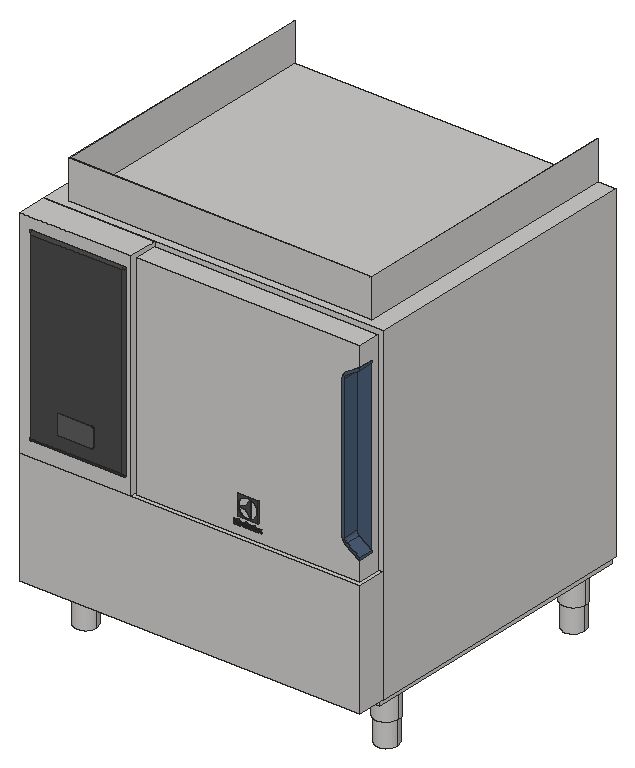
Revit family "QF_ELECTROLUXPROFESSIONAL_727906_EBFA61WHE", category Specialty Equipment, Revit 2018
Family settings
  Round Connector Dimension = Use Diameter
  Part Type = Normal
  Work Plane-Based = No
  Always vertical = Yes
  Cut with Voids When Loaded = No
  Shared = No
  Room Calculation Point = No
Parameters
  Weight = 0.00 kg
  Watts = 0 W
  Volts = 380 V
  URL Manufacturer = "http://professional.electrolux.com"
  URL = "http://professional.electrolux.com"
  Steam Supply Size = 0 mm
  Steam Supply Minimum Pressure = 0.0 Pa
  Steam Supply Maximum Pressure = 0.0 Pa
  Steam Pounds per Hour = 0
  Show Logo [instance] = yes
  Show Clearance [instance] = yes
  Refrigeration Suction Line Size = 0 mm
  Refrigeration Liquid Line Size = 0 mm
  Refrigerant Compressor Remote = yes
  Manufacturer = "Electrolux"
  Phase = 3
  Model = "EBFA61WHE"
  Length Actual = 897 mm  # constant formula
  Item Number = "727906"
  Hot Water Size = 0 mm
  Height Actual = 1020 mm  # constant formula
  HP = "3.6 HP"
  Gas Size = 0 mm
  Gas KW = 0
  Gas Input Pressure = 0 W
  Direct Waste Size = 139.7 mm
  Description = "SKYLINE CHILLS BLAST CHILLER FREEZER 30/30KG 6 GN 1/1 - FOR TOWER EXECUTION - LEFT HINDGED DOOR"
  Depth Actual = 937 mm  # constant formula
  Cycle = 50 Hz
  Condensate Return Size = 0 mm
  Compressed Air Volume = 0.0 L/s
  Compressed Air Size = 0 mm
  Compressed Air Pressure = 0.0 Pa
  Cold Water Size = 0 mm
  Accessory = yes
Reference planes
  plane 1 "Center X": y = 126.851
  plane 2: z = 0
  plane 3 "Center Y": x = -311.5
  plane 4 "LEFT": x = -760
  plane 5 "BACK": y = 548.851
  plane 6 "RIGHT": x = 137
  plane 7 "FRONT": y = -295.149
  plane 8: z = 130
  plane 9: x = -708
  plane 10: y = 473.851
  plane 11: x = 85
  plane 12: y = -142.149
  plane 13 "TOP": z = 1020.038
  plane 14: y = 641.851
  plane 15: y = -847.149
Forms (mm)
  Extrusion 1, solid, material "QF_Finishes_Stainless Steel"
    sketch origin (0, 0, 1060.038) x (-1, 0, 0) y (0, -1, 0)
      loop
        line (759, -548.851) -> (759, 216.149) -> (-136, 216.149) -> (-136, -548.851) -> (759, -548.851)
    from -40 to -910.018
  Extrusion 2, void
    sketch origin (-759, -216.149, 1060.038) x (-1, 0, 0) y (0, 0, 1)
      loop
        line (-370.8, -100) -> (-826.8, -100) -> (-826.8, -491.98) -> (-370.8, -491.98) -> (-370.8, -100)
    from 0 to 703
  Extrusion 3, solid, material "QF_Finishes_Stainless Steel"
    sketch origin (-760, -0.954, 0) x (0, 1, 0) y (0, 0, 1)
      loop
        line (549.805, 694.306) -> (549.805, 392.314) -> (635.5, 399.789)
        arc (635.5, 399.789) -> (640.702, 402.354) -> (642.805, 407.759) r 8
        line (642.805, 407.759) -> (642.805, 433.233)
        arc (642.805, 433.233) -> (638.783, 442.547) -> (642.805, 451.86) r 12.795
        line (642.805, 451.86) -> (642.805, 483.24)
        arc (642.805, 483.24) -> (638.783, 492.554) -> (642.805, 501.867) r 12.795
        line (642.805, 501.867) -> (642.805, 533.247)
        arc (642.805, 533.247) -> (638.783, 542.56) -> (642.805, 551.874) r 12.795
        line (642.805, 551.874) -> (642.805, 583.254)
        arc (642.805, 583.254) -> (638.783, 592.567) -> (642.805, 601.881) r 12.795
        line (642.805, 601.881) -> (642.805, 634.796)
        arc (642.805, 634.796) -> (641.466, 639.795) -> (637.808, 643.455) r 10
        line (637.808, 643.455) -> (549.805, 694.306)
    from 123.244 to 306.92
  Extrusion 4, solid, material "QF_Finishes_Stainless Steel"
    sketch origin (-817.599, 548.851, 1060.038) x (1, 0, 0) y (0, 0, -1)
      loop
        circle (121.599, 802.038) r 10.5
    from 0 to 29
  Extrusion 5, solid, material "QF_Finishes_Stainless Steel"
    sketch origin (0, 0, 1060.038) x (-1, 0, 0) y (0, -1, 0)
      loop
        line (759, 295.149) -> (467.2, 295.149) -> (467.2, 217.149) -> (759, 217.149) -> (759, 295.149)
    from -40 to -607
  Extrusion 6, solid, material "QF_Finishes_Stainless Steel"
    sketch origin (-1206.916, -1524, 130) x (-1, 0, 0) y (0, -1, 0)
      loop
        line (-447.916, -1228.851) -> (-1342.916, -1228.851) -> (-1342.916, -1306.851) -> (-447.916, -1306.851) -> (-447.916, -1228.851)
    from 322 to 20.02
  Extrusion 7, solid, material "QF_Finishes_Stainless Steel"
    sketch origin (0, 0, 1060.038) x (-1, 0, 0) y (0, -1, 0)
      loop
        line (748.993, -548.851) -> (748.993, 214.216) -> (-125.993, 214.216) -> (-125.993, -548.851) -> (748.993, -548.851)
    from -910.018 to -930.038
  Extrusion 8, solid, material "QF_Finishes_Stainless Steel"
    sketch origin (0, 0, 130) x (0, -1, 0) y (-1, 0, 0)
      loop
        circle (-215.851, 360) r 9.5
    from 0 to 31.68
  Extrusion 9, void
    sketch origin (0, 0, 1060.038) x (-1, 0, 0) y (0, -1, 0)
      loop
        line (627.033, -641.851) -> (636.756, -641.851) -> (636.756, -548.851) -> (635.125, -548.851) -> (627.033, -641.851)
      loop
        line (454.711, -548.851) -> (453.08, -548.851) -> (453.08, -641.851) -> (462.803, -641.851) -> (454.711, -548.851)
    from -673 to -363
  Extrusion 10, solid, material "QF_Finishes_Stainless Steel"
    sketch origin (-19, -1, 0) x (1, 0, 0) y (0, 1, 0)
      loop
        line (-690, -190.149) -> (-690, 549.851) -> (-692, 549.851) -> (-692, -192.149) -> (107, -192.149) -> (107, 549.851) -> (105, 549.851) -> (105, -190.149) -> (-690, -190.149)
    from 1020.038 to 1120.038
  Extrusion 11, solid, material "QF_Finishes_Stainless Steel"
    sketch origin (-315.205, -295.149, 0) x (1, 0, 0) y (0, 0, -1)
      loop
        line (451.2, -1020.033) -> (451.2, -968.898) -> (414.947, -944.816)
        arc (414.947, -944.816) -> (408.716, -937.969) -> (406.46, -928.989) r 19
        line (406.46, -928.989) -> (406.46, -554.076)
        arc (406.46, -554.076) -> (408.839, -544.616) -> (415.41, -537.406) r 20
        line (415.41, -537.406) -> (451.2, -513.683) -> (451.2, -462.497) -> (-135.995, -462.497) -> (-135.995, -1020.033) -> (451.2, -1020.033)
    from 0 to 60
  Extrusion 12, solid, material "QF_Finishes_Stainless Steel"
    sketch origin (-315.205, -235.149, 0) x (1, 0, 0) y (0, 0, -1)
      loop
        line (406.46, -554.076) -> (406.46, -928.989)
        arc (406.46, -928.989) -> (408.716, -937.969) -> (414.947, -944.816) r 19
        line (414.947, -944.816) -> (451.2, -968.898) -> (451.2, -513.683) -> (415.41, -537.406)
        arc (415.41, -537.406) -> (408.839, -544.616) -> (406.46, -554.076) r 20
    from -21 to 0
  Extrusion 13, solid, material "QF_Finishes_Electrolux_Blue"
    sketch origin (-315.205, -295.149, 0) x (-1, 0, 0) y (0, 0, -1)
      loop
        line (-451.2, -968.898) -> (-414.947, -944.816)
        arc (-414.947, -944.816) -> (-408.716, -937.969) -> (-406.46, -928.989) r 19
        line (-406.46, -928.989) -> (-406.46, -554.076)
        arc (-406.46, -554.076) -> (-408.839, -544.616) -> (-415.41, -537.406) r 20
        line (-415.41, -537.406) -> (-451.2, -513.683) -> (-453.7, -513.683) -> (-453.7, -519.824) -> (-419.001, -542.824)
        arc (-419.001, -542.824) -> (-414.566, -547.691) -> (-412.96, -554.076) r 13.5
        line (-412.96, -554.076) -> (-412.96, -928.989)
        arc (-412.96, -928.989) -> (-414.444, -934.897) -> (-418.543, -939.401) r 12.5
        line (-418.543, -939.401) -> (-453.7, -962.755) -> (-453.7, -968.898) -> (-451.2, -968.898)
    from -39 to 1
  Extrusion 14, solid, material "QF_Door-Drawer Clearances", visible <- "Show Clearance", detail levels coarse
    sketch origin (-458.205, -393.449, 0) x (0, -1, 0) y (0, 0, -1)
      loop
        line (451.2, -1020.033) -> (451.2, -968.898) -> (414.947, -944.816)
        arc (414.947, -944.816) -> (408.716, -937.969) -> (406.46, -928.989) r 19
        line (406.46, -928.989) -> (406.46, -554.076)
        arc (406.46, -554.076) -> (408.839, -544.616) -> (415.41, -537.406) r 20
        line (415.41, -537.406) -> (451.2, -513.683) -> (451.2, -462.497) -> (-98.3, -462.497) -> (-98.3, -1020.033) -> (451.2, -1020.033)
    from 0 to 60
  Extrusion 15, solid, material "QF_Door-Drawer Clearances", visible <- "Show Clearance", detail levels coarse
    sketch origin (-398.205, -393.449, 0) x (0, -1, 0) y (0, 0, -1)
      loop
        line (406.46, -554.076) -> (406.46, -928.989)
        arc (406.46, -928.989) -> (408.716, -937.969) -> (414.947, -944.816) r 19
        line (414.947, -944.816) -> (451.2, -968.898) -> (451.2, -513.683) -> (415.41, -537.406)
        arc (415.41, -537.406) -> (408.839, -544.616) -> (406.46, -554.076) r 20
    from -21 to 0
  Extrusion 16, solid, material "QF_Door-Drawer Clearances", visible <- "Show Clearance", detail levels coarse
    sketch origin (-458.205, -393.449, 0) x (0, 1, 0) y (0, 0, -1)
      loop
        line (-451.2, -968.898) -> (-414.947, -944.816)
        arc (-414.947, -944.816) -> (-408.716, -937.969) -> (-406.46, -928.989) r 19
        line (-406.46, -928.989) -> (-406.46, -554.076)
        arc (-406.46, -554.076) -> (-408.839, -544.616) -> (-415.41, -537.406) r 20
        line (-415.41, -537.406) -> (-451.2, -513.683) -> (-453.7, -513.683) -> (-453.7, -519.824) -> (-419.001, -542.824)
        arc (-419.001, -542.824) -> (-414.566, -547.691) -> (-412.96, -554.076) r 13.5
        line (-412.96, -554.076) -> (-412.96, -928.989)
        arc (-412.96, -928.989) -> (-414.444, -934.897) -> (-418.543, -939.401) r 12.5
        line (-418.543, -939.401) -> (-453.7, -962.755) -> (-453.7, -968.898) -> (-451.2, -968.898)
    from -39 to 1
  Extrusion 17, solid, material "QF_Door-Drawer Clearances", visible <- "Show Clearance", detail levels coarse
    sketch origin (-315.205, 0, 1060.038) x (1, 0, 0) y (0, 1, 0)
      loop
        line (-83, -295.149) -> (-83, -844.649)
        arc (-83, -844.649) -> (290.883, -673.709) -> (451.2, -295.149) r 567.425
        line (451.2, -295.149) -> (-83, -295.149)
    from -597.541 to -40
Cuts and joins
  Extrusion 2 cuts Extrusion 1
  Extrusion 9 cuts Extrusion 3
  joined: Extrusion 1, Extrusion 3, Extrusion 4, Extrusion 7, Extrusion 8
  joined: Extrusion 14, Extrusion 15, Extrusion 16, Extrusion 17
  joined: Extrusion 11, Extrusion 12
Lines and regions (mm)
  Split face 1
    outline origin (-489, -295.149, 130) x (-1, 0, 0) y (0, 0, -1)
      loop
        line (-132.388, -290.639) -> (-22.373, -290.639) -> (-22.373, -285.612) -> (-132.388, -285.612) -> (-132.388, -290.639)
  Split face 2
    outline origin (-489, -295.149, 120.528) x (-1, 0, 0) y (0, 0, -1)
      loop
        line (-132.388, -290.639) -> (-22.373, -290.639) -> (-22.373, -285.612) -> (-132.388, -285.612) -> (-132.388, -290.639)
  Split face 3
    outline origin (-489, -295.149, 111.056) x (-1, 0, 0) y (0, 0, -1)
      loop
        line (-132.388, -290.639) -> (-22.373, -290.639) -> (-22.373, -285.612) -> (-132.388, -285.612) -> (-132.388, -290.639)
  Split face 4
    outline origin (-489, -295.149, 101.583) x (-1, 0, 0) y (0, 0, -1)
      loop
        line (-132.388, -290.639) -> (-22.373, -290.639) -> (-22.373, -285.612) -> (-132.388, -285.612) -> (-132.388, -290.639)
  Split face 5
    outline origin (-489, -295.149, 92.111) x (-1, 0, 0) y (0, 0, -1)
      loop
        line (-132.388, -290.639) -> (-22.373, -290.639) -> (-22.373, -285.612) -> (-132.388, -285.612) -> (-132.388, -290.639)
  Split face 6
    outline origin (-489, -295.149, 82.639) x (-1, 0, 0) y (0, 0, -1)
      loop
        line (-132.388, -290.639) -> (-22.373, -290.639) -> (-22.373, -285.612) -> (-132.388, -285.612) -> (-132.388, -290.639)
  Split face 7
    outline origin (-489, -295.149, 73.167) x (-1, 0, 0) y (0, 0, -1)
      loop
        line (-132.388, -290.639) -> (-22.373, -290.639) -> (-22.373, -285.612) -> (-132.388, -285.612) -> (-132.388, -290.639)
  Split face 8
    outline origin (-489, -295.149, 63.695) x (-1, 0, 0) y (0, 0, -1)
      loop
        line (-132.388, -290.639) -> (-22.373, -290.639) -> (-22.373, -285.612) -> (-132.388, -285.612) -> (-132.388, -290.639)
  Split face 9
    outline origin (-489, -295.149, 54.223) x (-1, 0, 0) y (0, 0, -1)
      loop
        line (-132.388, -290.639) -> (-22.373, -290.639) -> (-22.373, -285.612) -> (-132.388, -285.612) -> (-132.388, -290.639)
  Split face 10
    outline origin (-489, -295.149, 44.75) x (-1, 0, 0) y (0, 0, -1)
      loop
        line (-132.388, -290.639) -> (-22.373, -290.639) -> (-22.373, -285.612) -> (-132.388, -285.612) -> (-132.388, -290.639)
  Split face 11
    outline origin (-489, -295.149, 35.278) x (-1, 0, 0) y (0, 0, -1)
      loop
        line (-132.388, -290.639) -> (-22.373, -290.639) -> (-22.373, -285.612) -> (-132.388, -285.612) -> (-132.388, -290.639)
  Split face 12
    outline origin (-489, -295.149, 25.806) x (-1, 0, 0) y (0, 0, -1)
      loop
        line (-132.388, -290.639) -> (-22.373, -290.639) -> (-22.373, -285.612) -> (-132.388, -285.612) -> (-132.388, -290.639)
  Split face 13
    outline origin (-489, -295.149, 16.334) x (-1, 0, 0) y (0, 0, -1)
      loop
        line (-132.388, -290.639) -> (-22.373, -290.639) -> (-22.373, -285.612) -> (-132.388, -285.612) -> (-132.388, -290.639)
  Split face 14
    outline origin (-489, -295.149, 6.862) x (-1, 0, 0) y (0, 0, -1)
      loop
        line (-132.388, -290.639) -> (-22.373, -290.639) -> (-22.373, -285.612) -> (-132.388, -285.612) -> (-132.388, -290.639)
  Split face 15
    outline origin (-489, -295.149, -2.611) x (-1, 0, 0) y (0, 0, -1)
      loop
        line (-132.388, -290.639) -> (-22.373, -290.639) -> (-22.373, -285.612) -> (-132.388, -285.612) -> (-132.388, -290.639)
  Split face 16
    outline origin (-489, -295.149, -12.083) x (-1, 0, 0) y (0, 0, -1)
      loop
        line (-132.388, -290.639) -> (-22.373, -290.639) -> (-22.373, -285.612) -> (-132.388, -285.612) -> (-132.388, -290.639)
  Split face 17
    outline origin (-489, -295.149, -21.555) x (-1, 0, 0) y (0, 0, -1)
      loop
        line (-132.388, -290.639) -> (-22.373, -290.639) -> (-22.373, -285.612) -> (-132.388, -285.612) -> (-132.388, -290.639)
  Split face 18
    outline origin (-489, -295.149, -31.027) x (-1, 0, 0) y (0, 0, -1)
      loop
        line (-132.388, -290.639) -> (-22.373, -290.639) -> (-22.373, -285.612) -> (-132.388, -285.612) -> (-132.388, -290.639)
  Split face 19
    outline origin (-489, -295.149, -40.499) x (-1, 0, 0) y (0, 0, -1)
      loop
        line (-132.388, -290.639) -> (-22.373, -290.639) -> (-22.373, -285.612) -> (-132.388, -285.612) -> (-132.388, -290.639)
  Split face 20
    outline origin (-489, -295.149, -49.972) x (-1, 0, 0) y (0, 0, -1)
      loop
        line (-132.388, -290.639) -> (-22.373, -290.639) -> (-22.373, -285.612) -> (-132.388, -285.612) -> (-132.388, -290.639)
  Split face 21
    outline origin (-489, -295.149, -59.444) x (-1, 0, 0) y (0, 0, -1)
      loop
        line (-132.388, -290.639) -> (-22.373, -290.639) -> (-22.373, -285.612) -> (-132.388, -285.612) -> (-132.388, -290.639)
  Split face 22
    outline origin (-489, -295.149, -68.916) x (-1, 0, 0) y (0, 0, -1)
      loop
        line (-132.388, -290.639) -> (-22.373, -290.639) -> (-22.373, -285.612) -> (-132.388, -285.612) -> (-132.388, -290.639)
  Split face 23
    outline origin (-489, -295.149, -78.388) x (-1, 0, 0) y (0, 0, -1)
      loop
        line (-132.388, -290.639) -> (-22.373, -290.639) -> (-22.373, -285.612) -> (-132.388, -285.612) -> (-132.388, -290.639)
  Split face 24
    outline origin (-489, -295.149, -87.86) x (-1, 0, 0) y (0, 0, -1)
      loop
        line (-132.388, -290.639) -> (-22.373, -290.639) -> (-22.373, -285.612) -> (-132.388, -285.612) -> (-132.388, -290.639)
  Split face 25
    outline origin (-489, -295.149, -97.332) x (-1, 0, 0) y (0, 0, -1)
      loop
        line (-132.388, -290.639) -> (-22.373, -290.639) -> (-22.373, -285.612) -> (-132.388, -285.612) -> (-132.388, -290.639)
  Split face 26
    outline origin (-489, -295.149, -106.805) x (-1, 0, 0) y (0, 0, -1)
      loop
        line (-132.388, -290.639) -> (-22.373, -290.639) -> (-22.373, -285.612) -> (-132.388, -285.612) -> (-132.388, -290.639)
  Split face 27
    outline origin (-373.984, -295.149, 130) x (-1, 0, 0) y (0, 0, -1)
      loop
        line (-132.388, -290.639) -> (-22.373, -290.639) -> (-22.373, -285.612) -> (-132.388, -285.612) -> (-132.388, -290.639)
  Split face 28
    outline origin (-373.984, -295.149, 120.528) x (-1, 0, 0) y (0, 0, -1)
      loop
        line (-132.388, -290.639) -> (-22.373, -290.639) -> (-22.373, -285.612) -> (-132.388, -285.612) -> (-132.388, -290.639)
  Split face 29
    outline origin (-373.984, -295.149, 111.056) x (-1, 0, 0) y (0, 0, -1)
      loop
        line (-132.388, -290.639) -> (-22.373, -290.639) -> (-22.373, -285.612) -> (-132.388, -285.612) -> (-132.388, -290.639)
  Split face 30
    outline origin (-373.984, -295.149, 101.583) x (-1, 0, 0) y (0, 0, -1)
      loop
        line (-132.388, -290.639) -> (-22.373, -290.639) -> (-22.373, -285.612) -> (-132.388, -285.612) -> (-132.388, -290.639)
  Split face 31
    outline origin (-373.984, -295.149, 92.111) x (-1, 0, 0) y (0, 0, -1)
      loop
        line (-132.388, -290.639) -> (-22.373, -290.639) -> (-22.373, -285.612) -> (-132.388, -285.612) -> (-132.388, -290.639)
  Split face 32
    outline origin (-373.984, -295.149, 82.639) x (-1, 0, 0) y (0, 0, -1)
      loop
        line (-132.388, -290.639) -> (-22.373, -290.639) -> (-22.373, -285.612) -> (-132.388, -285.612) -> (-132.388, -290.639)
  Split face 33
    outline origin (-373.984, -295.149, 73.167) x (-1, 0, 0) y (0, 0, -1)
      loop
        line (-132.388, -290.639) -> (-22.373, -290.639) -> (-22.373, -285.612) -> (-132.388, -285.612) -> (-132.388, -290.639)
  Split face 34
    outline origin (-373.984, -295.149, 63.695) x (-1, 0, 0) y (0, 0, -1)
      loop
        line (-132.388, -290.639) -> (-22.373, -290.639) -> (-22.373, -285.612) -> (-132.388, -285.612) -> (-132.388, -290.639)
  Split face 35
    outline origin (-373.984, -295.149, 54.223) x (-1, 0, 0) y (0, 0, -1)
      loop
        line (-132.388, -290.639) -> (-22.373, -290.639) -> (-22.373, -285.612) -> (-132.388, -285.612) -> (-132.388, -290.639)
  Split face 36
    outline origin (-373.984, -295.149, 44.75) x (-1, 0, 0) y (0, 0, -1)
      loop
        line (-132.388, -290.639) -> (-22.373, -290.639) -> (-22.373, -285.612) -> (-132.388, -285.612) -> (-132.388, -290.639)
  Split face 37
    outline origin (-373.984, -295.149, 35.278) x (-1, 0, 0) y (0, 0, -1)
      loop
        line (-132.388, -290.639) -> (-22.373, -290.639) -> (-22.373, -285.612) -> (-132.388, -285.612) -> (-132.388, -290.639)
  Split face 38
    outline origin (-373.984, -295.149, 25.806) x (-1, 0, 0) y (0, 0, -1)
      loop
        line (-132.388, -290.639) -> (-22.373, -290.639) -> (-22.373, -285.612) -> (-132.388, -285.612) -> (-132.388, -290.639)
  Split face 39
    outline origin (-373.984, -295.149, 16.334) x (-1, 0, 0) y (0, 0, -1)
      loop
        line (-132.388, -290.639) -> (-22.373, -290.639) -> (-22.373, -285.612) -> (-132.388, -285.612) -> (-132.388, -290.639)
  Split face 40
    outline origin (-373.984, -295.149, 6.862) x (-1, 0, 0) y (0, 0, -1)
      loop
        line (-132.388, -290.639) -> (-22.373, -290.639) -> (-22.373, -285.612) -> (-132.388, -285.612) -> (-132.388, -290.639)
  Split face 41
    outline origin (-373.984, -295.149, -2.611) x (-1, 0, 0) y (0, 0, -1)
      loop
        line (-132.388, -290.639) -> (-22.373, -290.639) -> (-22.373, -285.612) -> (-132.388, -285.612) -> (-132.388, -290.639)
  Split face 42
    outline origin (-373.984, -295.149, -12.083) x (-1, 0, 0) y (0, 0, -1)
      loop
        line (-132.388, -290.639) -> (-22.373, -290.639) -> (-22.373, -285.612) -> (-132.388, -285.612) -> (-132.388, -290.639)
  Split face 43
    outline origin (-373.984, -295.149, -21.555) x (-1, 0, 0) y (0, 0, -1)
      loop
        line (-132.388, -290.639) -> (-22.373, -290.639) -> (-22.373, -285.612) -> (-132.388, -285.612) -> (-132.388, -290.639)
  Split face 44
    outline origin (-373.984, -295.149, -31.027) x (-1, 0, 0) y (0, 0, -1)
      loop
        line (-132.388, -290.639) -> (-22.373, -290.639) -> (-22.373, -285.612) -> (-132.388, -285.612) -> (-132.388, -290.639)
  Split face 45
    outline origin (-373.984, -295.149, -40.499) x (-1, 0, 0) y (0, 0, -1)
      loop
        line (-132.388, -290.639) -> (-22.373, -290.639) -> (-22.373, -285.612) -> (-132.388, -285.612) -> (-132.388, -290.639)
  Split face 46
    outline origin (-373.984, -295.149, -49.972) x (-1, 0, 0) y (0, 0, -1)
      loop
        line (-132.388, -290.639) -> (-22.373, -290.639) -> (-22.373, -285.612) -> (-132.388, -285.612) -> (-132.388, -290.639)
  Split face 47
    outline origin (-373.984, -295.149, -59.444) x (-1, 0, 0) y (0, 0, -1)
      loop
        line (-132.388, -290.639) -> (-22.373, -290.639) -> (-22.373, -285.612) -> (-132.388, -285.612) -> (-132.388, -290.639)
  Split face 48
    outline origin (-373.984, -295.149, -68.916) x (-1, 0, 0) y (0, 0, -1)
      loop
        line (-132.388, -290.639) -> (-22.373, -290.639) -> (-22.373, -285.612) -> (-132.388, -285.612) -> (-132.388, -290.639)
  Split face 49
    outline origin (-373.984, -295.149, -78.388) x (-1, 0, 0) y (0, 0, -1)
      loop
        line (-132.388, -290.639) -> (-22.373, -290.639) -> (-22.373, -285.612) -> (-132.388, -285.612) -> (-132.388, -290.639)
  Split face 50
    outline origin (-373.984, -295.149, -87.86) x (-1, 0, 0) y (0, 0, -1)
      loop
        line (-132.388, -290.639) -> (-22.373, -290.639) -> (-22.373, -285.612) -> (-132.388, -285.612) -> (-132.388, -290.639)
  Split face 51
    outline origin (-373.984, -295.149, -97.332) x (-1, 0, 0) y (0, 0, -1)
      loop
        line (-132.388, -290.639) -> (-22.373, -290.639) -> (-22.373, -285.612) -> (-132.388, -285.612) -> (-132.388, -290.639)
  Split face 52
    outline origin (-373.984, -295.149, -106.805) x (-1, 0, 0) y (0, 0, -1)
      loop
        line (-132.388, -290.639) -> (-22.373, -290.639) -> (-22.373, -285.612) -> (-132.388, -285.612) -> (-132.388, -290.639)
  Split face 53
    outline origin (-258.969, -295.149, 130) x (-1, 0, 0) y (0, 0, -1)
      loop
        line (-132.388, -290.639) -> (-22.373, -290.639) -> (-22.373, -285.612) -> (-132.388, -285.612) -> (-132.388, -290.639)
  Split face 54
    outline origin (-258.969, -295.149, 120.528) x (-1, 0, 0) y (0, 0, -1)
      loop
        line (-132.388, -290.639) -> (-22.373, -290.639) -> (-22.373, -285.612) -> (-132.388, -285.612) -> (-132.388, -290.639)
  Split face 55
    outline origin (-258.969, -295.149, 111.056) x (-1, 0, 0) y (0, 0, -1)
      loop
        line (-132.388, -290.639) -> (-22.373, -290.639) -> (-22.373, -285.612) -> (-132.388, -285.612) -> (-132.388, -290.639)
  Split face 56
    outline origin (-258.969, -295.149, 101.583) x (-1, 0, 0) y (0, 0, -1)
      loop
        line (-132.388, -290.639) -> (-22.373, -290.639) -> (-22.373, -285.612) -> (-132.388, -285.612) -> (-132.388, -290.639)
  Split face 57
    outline origin (-258.969, -295.149, 92.111) x (-1, 0, 0) y (0, 0, -1)
      loop
        line (-132.388, -290.639) -> (-22.373, -290.639) -> (-22.373, -285.612) -> (-132.388, -285.612) -> (-132.388, -290.639)
  Split face 58
    outline origin (-258.969, -295.149, 82.639) x (-1, 0, 0) y (0, 0, -1)
      loop
        line (-132.388, -290.639) -> (-22.373, -290.639) -> (-22.373, -285.612) -> (-132.388, -285.612) -> (-132.388, -290.639)
  Split face 59
    outline origin (-258.969, -295.149, 73.167) x (-1, 0, 0) y (0, 0, -1)
      loop
        line (-132.388, -290.639) -> (-22.373, -290.639) -> (-22.373, -285.612) -> (-132.388, -285.612) -> (-132.388, -290.639)
  Split face 60
    outline origin (-258.969, -295.149, 63.695) x (-1, 0, 0) y (0, 0, -1)
      loop
        line (-132.388, -290.639) -> (-22.373, -290.639) -> (-22.373, -285.612) -> (-132.388, -285.612) -> (-132.388, -290.639)
  Split face 61
    outline origin (-258.969, -295.149, 54.223) x (-1, 0, 0) y (0, 0, -1)
      loop
        line (-132.388, -290.639) -> (-22.373, -290.639) -> (-22.373, -285.612) -> (-132.388, -285.612) -> (-132.388, -290.639)
  Split face 62
    outline origin (-258.969, -295.149, 44.75) x (-1, 0, 0) y (0, 0, -1)
      loop
        line (-132.388, -290.639) -> (-22.373, -290.639) -> (-22.373, -285.612) -> (-132.388, -285.612) -> (-132.388, -290.639)
  Split face 63
    outline origin (-258.969, -295.149, 35.278) x (-1, 0, 0) y (0, 0, -1)
      loop
        line (-132.388, -290.639) -> (-22.373, -290.639) -> (-22.373, -285.612) -> (-132.388, -285.612) -> (-132.388, -290.639)
  Split face 64
    outline origin (-258.969, -295.149, 25.806) x (-1, 0, 0) y (0, 0, -1)
      loop
        line (-132.388, -290.639) -> (-22.373, -290.639) -> (-22.373, -285.612) -> (-132.388, -285.612) -> (-132.388, -290.639)
  Split face 65
    outline origin (-258.969, -295.149, 16.334) x (-1, 0, 0) y (0, 0, -1)
      loop
        line (-132.388, -290.639) -> (-22.373, -290.639) -> (-22.373, -285.612) -> (-132.388, -285.612) -> (-132.388, -290.639)
  Split face 66
    outline origin (-258.969, -295.149, 6.862) x (-1, 0, 0) y (0, 0, -1)
      loop
        line (-132.388, -290.639) -> (-22.373, -290.639) -> (-22.373, -285.612) -> (-132.388, -285.612) -> (-132.388, -290.639)
  Split face 67
    outline origin (-258.969, -295.149, -2.611) x (-1, 0, 0) y (0, 0, -1)
      loop
        line (-132.388, -290.639) -> (-22.373, -290.639) -> (-22.373, -285.612) -> (-132.388, -285.612) -> (-132.388, -290.639)
  Split face 68
    outline origin (-258.969, -295.149, -12.083) x (-1, 0, 0) y (0, 0, -1)
      loop
        line (-132.388, -290.639) -> (-22.373, -290.639) -> (-22.373, -285.612) -> (-132.388, -285.612) -> (-132.388, -290.639)
  Split face 69
    outline origin (-258.969, -295.149, -21.555) x (-1, 0, 0) y (0, 0, -1)
      loop
        line (-132.388, -290.639) -> (-22.373, -290.639) -> (-22.373, -285.612) -> (-132.388, -285.612) -> (-132.388, -290.639)
  Split face 70
    outline origin (-258.969, -295.149, -31.027) x (-1, 0, 0) y (0, 0, -1)
      loop
        line (-132.388, -290.639) -> (-22.373, -290.639) -> (-22.373, -285.612) -> (-132.388, -285.612) -> (-132.388, -290.639)
  Split face 71
    outline origin (-258.969, -295.149, -40.499) x (-1, 0, 0) y (0, 0, -1)
      loop
        line (-132.388, -290.639) -> (-22.373, -290.639) -> (-22.373, -285.612) -> (-132.388, -285.612) -> (-132.388, -290.639)
  Split face 72
    outline origin (-258.969, -295.149, -49.972) x (-1, 0, 0) y (0, 0, -1)
      loop
        line (-132.388, -290.639) -> (-22.373, -290.639) -> (-22.373, -285.612) -> (-132.388, -285.612) -> (-132.388, -290.639)
  Split face 73
    outline origin (-258.969, -295.149, -59.444) x (-1, 0, 0) y (0, 0, -1)
      loop
        line (-132.388, -290.639) -> (-22.373, -290.639) -> (-22.373, -285.612) -> (-132.388, -285.612) -> (-132.388, -290.639)
  Split face 74
    outline origin (-258.969, -295.149, -68.916) x (-1, 0, 0) y (0, 0, -1)
      loop
        line (-132.388, -290.639) -> (-22.373, -290.639) -> (-22.373, -285.612) -> (-132.388, -285.612) -> (-132.388, -290.639)
  Split face 75
    outline origin (-258.969, -295.149, -78.388) x (-1, 0, 0) y (0, 0, -1)
      loop
        line (-132.388, -290.639) -> (-22.373, -290.639) -> (-22.373, -285.612) -> (-132.388, -285.612) -> (-132.388, -290.639)
  Split face 76
    outline origin (-258.969, -295.149, -87.86) x (-1, 0, 0) y (0, 0, -1)
      loop
        line (-132.388, -290.639) -> (-22.373, -290.639) -> (-22.373, -285.612) -> (-132.388, -285.612) -> (-132.388, -290.639)
  Split face 77
    outline origin (-258.969, -295.149, -97.332) x (-1, 0, 0) y (0, 0, -1)
      loop
        line (-132.388, -290.639) -> (-22.373, -290.639) -> (-22.373, -285.612) -> (-132.388, -285.612) -> (-132.388, -290.639)
  Split face 78
    outline origin (-258.969, -295.149, -106.805) x (-1, 0, 0) y (0, 0, -1)
      loop
        line (-132.388, -290.639) -> (-22.373, -290.639) -> (-22.373, -285.612) -> (-132.388, -285.612) -> (-132.388, -290.639)
  Split face 79
    outline origin (-143.953, -295.149, 130) x (-1, 0, 0) y (0, 0, -1)
      loop
        line (-132.388, -290.639) -> (-22.373, -290.639) -> (-22.373, -285.612) -> (-132.388, -285.612) -> (-132.388, -290.639)
  Split face 80
    outline origin (-143.953, -295.149, 120.528) x (-1, 0, 0) y (0, 0, -1)
      loop
        line (-132.388, -290.639) -> (-22.373, -290.639) -> (-22.373, -285.612) -> (-132.388, -285.612) -> (-132.388, -290.639)
  Split face 81
    outline origin (-143.953, -295.149, 111.056) x (-1, 0, 0) y (0, 0, -1)
      loop
        line (-132.388, -290.639) -> (-22.373, -290.639) -> (-22.373, -285.612) -> (-132.388, -285.612) -> (-132.388, -290.639)
  Split face 82
    outline origin (-143.953, -295.149, 101.583) x (-1, 0, 0) y (0, 0, -1)
      loop
        line (-132.388, -290.639) -> (-22.373, -290.639) -> (-22.373, -285.612) -> (-132.388, -285.612) -> (-132.388, -290.639)
  Split face 83
    outline origin (-143.953, -295.149, 92.111) x (-1, 0, 0) y (0, 0, -1)
      loop
        line (-132.388, -290.639) -> (-22.373, -290.639) -> (-22.373, -285.612) -> (-132.388, -285.612) -> (-132.388, -290.639)
  Split face 84
    outline origin (-143.953, -295.149, 82.639) x (-1, 0, 0) y (0, 0, -1)
      loop
        line (-132.388, -290.639) -> (-22.373, -290.639) -> (-22.373, -285.612) -> (-132.388, -285.612) -> (-132.388, -290.639)
  Split face 85
    outline origin (-143.953, -295.149, 73.167) x (-1, 0, 0) y (0, 0, -1)
      loop
        line (-132.388, -290.639) -> (-22.373, -290.639) -> (-22.373, -285.612) -> (-132.388, -285.612) -> (-132.388, -290.639)
  Split face 86
    outline origin (-143.953, -295.149, 63.695) x (-1, 0, 0) y (0, 0, -1)
      loop
        line (-132.388, -290.639) -> (-22.373, -290.639) -> (-22.373, -285.612) -> (-132.388, -285.612) -> (-132.388, -290.639)
  Split face 87
    outline origin (-143.953, -295.149, 54.223) x (-1, 0, 0) y (0, 0, -1)
      loop
        line (-132.388, -290.639) -> (-22.373, -290.639) -> (-22.373, -285.612) -> (-132.388, -285.612) -> (-132.388, -290.639)
  Split face 88
    outline origin (-143.953, -295.149, 44.75) x (-1, 0, 0) y (0, 0, -1)
      loop
        line (-132.388, -290.639) -> (-22.373, -290.639) -> (-22.373, -285.612) -> (-132.388, -285.612) -> (-132.388, -290.639)
  Split face 89
    outline origin (-143.953, -295.149, 35.278) x (-1, 0, 0) y (0, 0, -1)
      loop
        line (-132.388, -290.639) -> (-22.373, -290.639) -> (-22.373, -285.612) -> (-132.388, -285.612) -> (-132.388, -290.639)
  Split face 90
    outline origin (-143.953, -295.149, 25.806) x (-1, 0, 0) y (0, 0, -1)
      loop
        line (-132.388, -290.639) -> (-22.373, -290.639) -> (-22.373, -285.612) -> (-132.388, -285.612) -> (-132.388, -290.639)
  Split face 91
    outline origin (-143.953, -295.149, 16.334) x (-1, 0, 0) y (0, 0, -1)
      loop
        line (-132.388, -290.639) -> (-22.373, -290.639) -> (-22.373, -285.612) -> (-132.388, -285.612) -> (-132.388, -290.639)
  Split face 92
    outline origin (-143.953, -295.149, 6.862) x (-1, 0, 0) y (0, 0, -1)
      loop
        line (-132.388, -290.639) -> (-22.373, -290.639) -> (-22.373, -285.612) -> (-132.388, -285.612) -> (-132.388, -290.639)
  Split face 93
    outline origin (-143.953, -295.149, -2.611) x (-1, 0, 0) y (0, 0, -1)
      loop
        line (-132.388, -290.639) -> (-22.373, -290.639) -> (-22.373, -285.612) -> (-132.388, -285.612) -> (-132.388, -290.639)
  Split face 94
    outline origin (-143.953, -295.149, -12.083) x (-1, 0, 0) y (0, 0, -1)
      loop
        line (-132.388, -290.639) -> (-22.373, -290.639) -> (-22.373, -285.612) -> (-132.388, -285.612) -> (-132.388, -290.639)
  Split face 95
    outline origin (-143.953, -295.149, -21.555) x (-1, 0, 0) y (0, 0, -1)
      loop
        line (-132.388, -290.639) -> (-22.373, -290.639) -> (-22.373, -285.612) -> (-132.388, -285.612) -> (-132.388, -290.639)
  Split face 96
    outline origin (-143.953, -295.149, -31.027) x (-1, 0, 0) y (0, 0, -1)
      loop
        line (-132.388, -290.639) -> (-22.373, -290.639) -> (-22.373, -285.612) -> (-132.388, -285.612) -> (-132.388, -290.639)
  Split face 97
    outline origin (-143.953, -295.149, -40.499) x (-1, 0, 0) y (0, 0, -1)
      loop
        line (-132.388, -290.639) -> (-22.373, -290.639) -> (-22.373, -285.612) -> (-132.388, -285.612) -> (-132.388, -290.639)
  Split face 98
    outline origin (-143.953, -295.149, -49.972) x (-1, 0, 0) y (0, 0, -1)
      loop
        line (-132.388, -290.639) -> (-22.373, -290.639) -> (-22.373, -285.612) -> (-132.388, -285.612) -> (-132.388, -290.639)
  Split face 99
    outline origin (-143.953, -295.149, -59.444) x (-1, 0, 0) y (0, 0, -1)
      loop
        line (-132.388, -290.639) -> (-22.373, -290.639) -> (-22.373, -285.612) -> (-132.388, -285.612) -> (-132.388, -290.639)
  Split face 100
    outline origin (-143.953, -295.149, -68.916) x (-1, 0, 0) y (0, 0, -1)
      loop
        line (-132.388, -290.639) -> (-22.373, -290.639) -> (-22.373, -285.612) -> (-132.388, -285.612) -> (-132.388, -290.639)
  Split face 101
    outline origin (-143.953, -295.149, -78.388) x (-1, 0, 0) y (0, 0, -1)
      loop
        line (-132.388, -290.639) -> (-22.373, -290.639) -> (-22.373, -285.612) -> (-132.388, -285.612) -> (-132.388, -290.639)
  Split face 102
    outline origin (-143.953, -295.149, -87.86) x (-1, 0, 0) y (0, 0, -1)
      loop
        line (-132.388, -290.639) -> (-22.373, -290.639) -> (-22.373, -285.612) -> (-132.388, -285.612) -> (-132.388, -290.639)
  Split face 103
    outline origin (-143.953, -295.149, -97.332) x (-1, 0, 0) y (0, 0, -1)
      loop
        line (-132.388, -290.639) -> (-22.373, -290.639) -> (-22.373, -285.612) -> (-132.388, -285.612) -> (-132.388, -290.639)
  Split face 104
    outline origin (-143.953, -295.149, -106.805) x (-1, 0, 0) y (0, 0, -1)
      loop
        line (-132.388, -290.639) -> (-22.373, -290.639) -> (-22.373, -285.612) -> (-132.388, -285.612) -> (-132.388, -290.639)
  Split face 105
    outline origin (-28.938, -295.149, 130) x (-1, 0, 0) y (0, 0, -1)
      loop
        line (-132.388, -290.639) -> (-22.373, -290.639) -> (-22.373, -285.612) -> (-132.388, -285.612) -> (-132.388, -290.639)
  Split face 106
    outline origin (-28.938, -295.149, 120.528) x (-1, 0, 0) y (0, 0, -1)
      loop
        line (-132.388, -290.639) -> (-22.373, -290.639) -> (-22.373, -285.612) -> (-132.388, -285.612) -> (-132.388, -290.639)
  Split face 107
    outline origin (-28.938, -295.149, 111.056) x (-1, 0, 0) y (0, 0, -1)
      loop
        line (-132.388, -290.639) -> (-22.373, -290.639) -> (-22.373, -285.612) -> (-132.388, -285.612) -> (-132.388, -290.639)
  Split face 108
    outline origin (-28.938, -295.149, 101.583) x (-1, 0, 0) y (0, 0, -1)
      loop
        line (-132.388, -290.639) -> (-22.373, -290.639) -> (-22.373, -285.612) -> (-132.388, -285.612) -> (-132.388, -290.639)
  Split face 109
    outline origin (-28.938, -295.149, 92.111) x (-1, 0, 0) y (0, 0, -1)
      loop
        line (-132.388, -290.639) -> (-22.373, -290.639) -> (-22.373, -285.612) -> (-132.388, -285.612) -> (-132.388, -290.639)
  Split face 110
    outline origin (-28.938, -295.149, 82.639) x (-1, 0, 0) y (0, 0, -1)
      loop
        line (-132.388, -290.639) -> (-22.373, -290.639) -> (-22.373, -285.612) -> (-132.388, -285.612) -> (-132.388, -290.639)
  Split face 111
    outline origin (-28.938, -295.149, 73.167) x (-1, 0, 0) y (0, 0, -1)
      loop
        line (-132.388, -290.639) -> (-22.373, -290.639) -> (-22.373, -285.612) -> (-132.388, -285.612) -> (-132.388, -290.639)
  Split face 112
    outline origin (-28.938, -295.149, 63.695) x (-1, 0, 0) y (0, 0, -1)
      loop
        line (-132.388, -290.639) -> (-22.373, -290.639) -> (-22.373, -285.612) -> (-132.388, -285.612) -> (-132.388, -290.639)
  Split face 113
    outline origin (-28.938, -295.149, 54.223) x (-1, 0, 0) y (0, 0, -1)
      loop
        line (-132.388, -290.639) -> (-22.373, -290.639) -> (-22.373, -285.612) -> (-132.388, -285.612) -> (-132.388, -290.639)
  Split face 114
    outline origin (-28.938, -295.149, 44.75) x (-1, 0, 0) y (0, 0, -1)
      loop
        line (-132.388, -290.639) -> (-22.373, -290.639) -> (-22.373, -285.612) -> (-132.388, -285.612) -> (-132.388, -290.639)
  Split face 115
    outline origin (-28.938, -295.149, 35.278) x (-1, 0, 0) y (0, 0, -1)
      loop
        line (-132.388, -290.639) -> (-22.373, -290.639) -> (-22.373, -285.612) -> (-132.388, -285.612) -> (-132.388, -290.639)
  Split face 116
    outline origin (-28.938, -295.149, 25.806) x (-1, 0, 0) y (0, 0, -1)
      loop
        line (-132.388, -290.639) -> (-22.373, -290.639) -> (-22.373, -285.612) -> (-132.388, -285.612) -> (-132.388, -290.639)
  Split face 117
    outline origin (-28.938, -295.149, 16.334) x (-1, 0, 0) y (0, 0, -1)
      loop
        line (-132.388, -290.639) -> (-22.373, -290.639) -> (-22.373, -285.612) -> (-132.388, -285.612) -> (-132.388, -290.639)
  Split face 118
    outline origin (-28.938, -295.149, 6.862) x (-1, 0, 0) y (0, 0, -1)
      loop
        line (-132.388, -290.639) -> (-22.373, -290.639) -> (-22.373, -285.612) -> (-132.388, -285.612) -> (-132.388, -290.639)
  Split face 119
    outline origin (-28.938, -295.149, -2.611) x (-1, 0, 0) y (0, 0, -1)
      loop
        line (-132.388, -290.639) -> (-22.373, -290.639) -> (-22.373, -285.612) -> (-132.388, -285.612) -> (-132.388, -290.639)
  Split face 120
    outline origin (-28.938, -295.149, -12.083) x (-1, 0, 0) y (0, 0, -1)
      loop
        line (-132.388, -290.639) -> (-22.373, -290.639) -> (-22.373, -285.612) -> (-132.388, -285.612) -> (-132.388, -290.639)
  Split face 121
    outline origin (-28.938, -295.149, -21.555) x (-1, 0, 0) y (0, 0, -1)
      loop
        line (-132.388, -290.639) -> (-22.373, -290.639) -> (-22.373, -285.612) -> (-132.388, -285.612) -> (-132.388, -290.639)
  Split face 122
    outline origin (-28.938, -295.149, -31.027) x (-1, 0, 0) y (0, 0, -1)
      loop
        line (-132.388, -290.639) -> (-22.373, -290.639) -> (-22.373, -285.612) -> (-132.388, -285.612) -> (-132.388, -290.639)
  Split face 123
    outline origin (-28.938, -295.149, -40.499) x (-1, 0, 0) y (0, 0, -1)
      loop
        line (-132.388, -290.639) -> (-22.373, -290.639) -> (-22.373, -285.612) -> (-132.388, -285.612) -> (-132.388, -290.639)
  Split face 124
    outline origin (-28.938, -295.149, -49.972) x (-1, 0, 0) y (0, 0, -1)
      loop
        line (-132.388, -290.639) -> (-22.373, -290.639) -> (-22.373, -285.612) -> (-132.388, -285.612) -> (-132.388, -290.639)
  Split face 125
    outline origin (-28.938, -295.149, -59.444) x (-1, 0, 0) y (0, 0, -1)
      loop
        line (-132.388, -290.639) -> (-22.373, -290.639) -> (-22.373, -285.612) -> (-132.388, -285.612) -> (-132.388, -290.639)
  Split face 126
    outline origin (-28.938, -295.149, -68.916) x (-1, 0, 0) y (0, 0, -1)
      loop
        line (-132.388, -290.639) -> (-22.373, -290.639) -> (-22.373, -285.612) -> (-132.388, -285.612) -> (-132.388, -290.639)
  Split face 127
    outline origin (-28.938, -295.149, -78.388) x (-1, 0, 0) y (0, 0, -1)
      loop
        line (-132.388, -290.639) -> (-22.373, -290.639) -> (-22.373, -285.612) -> (-132.388, -285.612) -> (-132.388, -290.639)
  Split face 128
    outline origin (-28.938, -295.149, -87.86) x (-1, 0, 0) y (0, 0, -1)
      loop
        line (-132.388, -290.639) -> (-22.373, -290.639) -> (-22.373, -285.612) -> (-132.388, -285.612) -> (-132.388, -290.639)
  Split face 129
    outline origin (-28.938, -295.149, -97.332) x (-1, 0, 0) y (0, 0, -1)
      loop
        line (-132.388, -290.639) -> (-22.373, -290.639) -> (-22.373, -285.612) -> (-132.388, -285.612) -> (-132.388, -290.639)
  Split face 130
    outline origin (-28.938, -295.149, -106.805) x (-1, 0, 0) y (0, 0, -1)
      loop
        line (-132.388, -290.639) -> (-22.373, -290.639) -> (-22.373, -285.612) -> (-132.388, -285.612) -> (-132.388, -290.639)
  symbolic lines
    curve 1: line (-760, 548.851, 1060.038) -> (137, 548.851, 1060.038)
    curve 2: line (-760, -295.149, 1060.038) -> (-760, 548.851, 1060.038)
    curve 3: line (137, -295.149, 1060.038) -> (-760, -295.149, 1060.038)
    curve 4: line (137, 548.851, 1060.038) -> (137, -295.149, 1060.038)
    curve 5: line (-725.5, -300.149, 1060.038) -> (-487.5, -300.149, 1060.038)
    curve 6: line (-487.5, -300.149, 1060.038) -> (-479.5, -295.149, 1060.038)
    curve 7: line (-725.5, -300.149, 1060.038) -> (-733.5, -295.149, 1060.038)
    curve 8: line (-635.125, 548.851, 1060.038) -> (-627.033, 641.851, 1060.038)
    curve 9: line (-627.033, 641.851, 1060.038) -> (-462.803, 641.851, 1060.038)
    curve 10: line (-462.803, 641.851, 1060.038) -> (-454.711, 548.851, 1060.038)
    curve 11: line (-706.5, 577.851, 1060.038) -> (-685.5, 577.851, 1060.038)
    curve 12: line (-685.5, 577.851, 1060.038) -> (-685.5, 548.851, 1060.038)
    curve 13: line (-706.5, 577.851, 1060.038) -> (-706.5, 548.851, 1060.038)
  symbolic lines, style "QF_Door-Drawer Clearances", visible <- "Show Clearance"
    curve 14: arc (135.995, -295.149, 1060.038) -> (-24.323, -673.709, 1060.038) -> (-398.205, -844.649, 1060.038) r 567.425
    curve 15: line (-458.205, -844.649, 1060.038) -> (-458.205, -295.149, 1060.038)
    curve 16: line (-398.205, -844.649, 1060.038) -> (-458.205, -844.649, 1060.038)
    curve 17: line (-398.205, -844.649, 1060.038) -> (-398.205, -295.149, 1060.038)
Dimensions and locks
  equal spacing: plane 4 "LEFT", plane 3 "Center Y", plane 6 "RIGHT"
  plane 4 "LEFT" to plane 6 "RIGHT" = 897 mm
  plane 5 "BACK" to plane 7 "FRONT" = 844 mm
  equal spacing: plane 5 "BACK", plane 1 "Center X", plane 7 "FRONT"
  cut or joined group of Extrusion 1, Extrusion 2, Extrusion 3, Extrusion 4, Extrusion 7, Extrusion 8, Extrusion 9 to Extrusion 4 sketch curve = 63 mm
  level to Extrusion 4 sketch curve = 258 mm
  plane 5 "BACK" to Extrusion 8 sketch curve = 333 mm
  plane 4 "LEFT" to Extrusion 8 sketch curve = 400 mm
  Extrusion 4 sketch curve to plane 4 "LEFT" = 64 mm
  aligned and locked: level to plane 2
  aligned and locked: plane 11 to nested 3
  aligned and locked: plane 11 to nested 2
  aligned and locked: plane 9 to nested 1
  aligned and locked: plane 9 to nested 4
  aligned and locked: nested 4 to plane 10
  aligned and locked: nested 3 to plane 10
  aligned and locked: nested 1 to plane 12
  aligned and locked: nested 2 to plane 12
  aligned and locked: Extrusion 13 to Extrusion 12
  aligned and locked: Extrusion 16 to Extrusion 15
Automatic sketch dimensions
  Extrusion 1 sketch curve to plane 5 "BACK" = 0 mm
  Extrusion 1 sketch curve to plane 6 "RIGHT" = 1 mm
  plane 4 "LEFT" to Extrusion 1 sketch curve = 1 mm
  Extrusion 1 sketch curve to plane 12 = 74 mm
  Extrusion 1 to Extrusion 2 sketch curve = 68.2 mm
  Extrusion 2 sketch curve to Extrusion 1 = 370.8 mm
  Extrusion 2 sketch curve to Extrusion 1 = 418.038 mm
  Extrusion 2 sketch curve to Extrusion 1 = 60 mm
  curve 1 to plane 5 "BACK" = 0 mm
  curve 1 to plane 6 "RIGHT" = 0 mm
  curve 14 to plane 7 "FRONT" = 0 mm
  curve 17 to plane 7 "FRONT" = 0 mm
  curve 10 to plane 14 = 0 mm
  curve 2 to plane 4 "LEFT" = 0 mm
  plane 15 to curve 16 = 2.5 mm
  curve 16 to plane 3 "Center Y" = 86.705 mm
  plane 7 "FRONT" to curve 14 = 16.966 mm
  curve 17 to curve 14 = 32.971 mm
  curve 14 to curve 16 = 60 mm
  curve 10 to plane 3 "Center Y" = 151.303 mm
  curve 6 to plane 7 "FRONT" = 5 mm
  curve 15 to curve 6 = 29.295 mm
  plane 9 to curve 8 = 80.967 mm
  plane 9 to curve 12 = 22.5 mm
  plane 9 to curve 13 = 1.5 mm
  curve 5 to plane 9 = 17.5 mm
  curve 13 to curve 13 = 29 mm
  curve 10 to curve 9 = 8.092 mm
  curve 6 to curve 5 = 8 mm
  curve 8 to curve 12 = 50.375 mm
  curve 5 to curve 7 = 8 mm
  Extrusion 3 sketch curve to plane 5 "BACK" = 0 mm
  Extrusion 3 sketch curve to plane 14 = 0 mm  (x5)
  Extrusion 3 sketch curve to Extrusion 3 sketch curve = 10 mm
  Extrusion 3 sketch curve to Extrusion 3 sketch curve = 8 mm
  Extrusion 3 sketch curve to plane 14 = 7.305 mm
  Extrusion 3 sketch curve to plane 14 = 4.997 mm
  plane 14 to Extrusion 3 sketch curve = 8.773 mm  (x4)
  plane 8 to Extrusion 3 sketch curve = 262.314 mm
  Extrusion 3 sketch curve to Extrusion 3 sketch curve = 7.476 mm
  Extrusion 3 sketch curve to Extrusion 3 sketch curve = 25.474 mm
  Extrusion 3 sketch curve to Extrusion 3 sketch curve = 9.313 mm  (x4)
  Extrusion 3 sketch curve to Extrusion 3 sketch curve = 31.38 mm  (x3)
  Extrusion 3 sketch curve to Extrusion 3 sketch curve = 32.916 mm
  Extrusion 3 sketch curve to Extrusion 3 sketch curve = 50.851 mm
  Extrusion 5 sketch curve to plane 7 "FRONT" = 0 mm
  Extrusion 5 sketch curve to plane 12 = 75 mm
  Extrusion 5 sketch curve to plane 3 "Center Y" = 155.7 mm
  plane 4 "LEFT" to Extrusion 5 sketch curve = 1 mm
  Extrusion 6 sketch curve to plane 7 "FRONT" = 0 mm
  Extrusion 6 sketch curve to plane 6 "RIGHT" = 1 mm
  plane 4 "LEFT" to Extrusion 6 sketch curve = 1 mm
  Extrusion 6 sketch curve to plane 12 = 75 mm
  Extrusion 7 sketch curve to plane 5 "BACK" = 0 mm
  Extrusion 7 sketch curve to plane 6 "RIGHT" = 11.007 mm
  plane 4 "LEFT" to Extrusion 7 sketch curve = 11.007 mm
  Extrusion 7 sketch curve to plane 12 = 72.066 mm
  Split face 1 sketch curve to Extrusion 6 = 31.361 mm
  Split face 1 sketch curve to Extrusion 6 = 402.388 mm
  Split face 1 sketch curve to Extrusion 6 = 36.388 mm
  Split face 1 sketch curve to Split face 1 sketch curve = 110.015 mm
  Split face 2 sketch curve to Extrusion 6 = 40.833 mm
  Split face 2 sketch curve to Extrusion 6 = 402.388 mm
  Split face 2 sketch curve to Extrusion 6 = 45.86 mm
  Split face 2 sketch curve to Split face 2 sketch curve = 110.015 mm
  Split face 3 sketch curve to Extrusion 6 = 50.305 mm
  Split face 3 sketch curve to Extrusion 6 = 402.388 mm
  Split face 3 sketch curve to Split face 3 sketch curve = 110.015 mm
  Split face 3 sketch curve to Split face 3 sketch curve = 5.027 mm
  Split face 4 sketch curve to Extrusion 6 = 59.777 mm
  Split face 4 sketch curve to Extrusion 6 = 402.388 mm
  Split face 4 sketch curve to Split face 4 sketch curve = 110.015 mm
  Split face 4 sketch curve to Split face 4 sketch curve = 5.027 mm
  Split face 5 sketch curve to Extrusion 6 = 69.25 mm
  Split face 5 sketch curve to Extrusion 6 = 402.388 mm
  Split face 5 sketch curve to Split face 5 sketch curve = 110.015 mm
  Split face 5 sketch curve to Split face 5 sketch curve = 5.027 mm
  Split face 6 sketch curve to Extrusion 6 = 78.722 mm
  Split face 6 sketch curve to Extrusion 6 = 402.388 mm
  Split face 6 sketch curve to Split face 6 sketch curve = 110.015 mm
  Split face 6 sketch curve to Split face 6 sketch curve = 5.027 mm
  Split face 7 sketch curve to Extrusion 6 = 88.194 mm
  Split face 7 sketch curve to Extrusion 6 = 402.388 mm
  Split face 7 sketch curve to Split face 7 sketch curve = 110.015 mm
  Split face 7 sketch curve to Split face 7 sketch curve = 5.027 mm
  Split face 8 sketch curve to Extrusion 6 = 97.666 mm
  Split face 8 sketch curve to Extrusion 6 = 402.388 mm
  Split face 8 sketch curve to Split face 8 sketch curve = 110.015 mm
  Split face 8 sketch curve to Split face 8 sketch curve = 5.027 mm
  Split face 9 sketch curve to Extrusion 6 = 107.138 mm
  Split face 9 sketch curve to Extrusion 6 = 402.388 mm
  Split face 9 sketch curve to Split face 9 sketch curve = 110.015 mm
  Split face 9 sketch curve to Split face 9 sketch curve = 5.027 mm
  Split face 10 sketch curve to Extrusion 6 = 116.611 mm
  Split face 10 sketch curve to Extrusion 6 = 402.388 mm
  Split face 10 sketch curve to Split face 10 sketch curve = 110.015 mm
  Split face 10 sketch curve to Split face 10 sketch curve = 5.027 mm
  Split face 11 sketch curve to Extrusion 6 = 126.083 mm
  Split face 11 sketch curve to Extrusion 6 = 402.388 mm
  Split face 11 sketch curve to Split face 11 sketch curve = 110.015 mm
  Split face 11 sketch curve to Split face 11 sketch curve = 5.027 mm
  Split face 12 sketch curve to Extrusion 6 = 135.555 mm
  Split face 12 sketch curve to Extrusion 6 = 402.388 mm
  Split face 12 sketch curve to Split face 12 sketch curve = 110.015 mm
  Split face 12 sketch curve to Split face 12 sketch curve = 5.027 mm
  Split face 13 sketch curve to Extrusion 6 = 145.027 mm
  Split face 13 sketch curve to Extrusion 6 = 402.388 mm
  Split face 13 sketch curve to Split face 13 sketch curve = 110.015 mm
  Split face 13 sketch curve to Split face 13 sketch curve = 5.027 mm
  Split face 14 sketch curve to Extrusion 6 = 147.48 mm
  Split face 14 sketch curve to Extrusion 6 = 402.388 mm
  Split face 14 sketch curve to Split face 14 sketch curve = 110.015 mm
  Split face 14 sketch curve to Split face 14 sketch curve = 5.027 mm
  Split face 15 sketch curve to Extrusion 6 = 138.008 mm
  Split face 15 sketch curve to Extrusion 6 = 402.388 mm
  Split face 15 sketch curve to Split face 15 sketch curve = 110.015 mm
  Split face 15 sketch curve to Split face 15 sketch curve = 5.027 mm
  Split face 16 sketch curve to Extrusion 6 = 128.536 mm
  Split face 16 sketch curve to Extrusion 6 = 402.388 mm
  Split face 16 sketch curve to Split face 16 sketch curve = 110.015 mm
  Split face 16 sketch curve to Split face 16 sketch curve = 5.027 mm
  Split face 17 sketch curve to Extrusion 6 = 119.064 mm
  Split face 17 sketch curve to Extrusion 6 = 402.388 mm
  Split face 17 sketch curve to Split face 17 sketch curve = 110.015 mm
  Split face 17 sketch curve to Split face 17 sketch curve = 5.027 mm
  Split face 18 sketch curve to Extrusion 6 = 109.592 mm
  Split face 18 sketch curve to Extrusion 6 = 402.388 mm
  Split face 18 sketch curve to Split face 18 sketch curve = 110.015 mm
  Split face 18 sketch curve to Split face 18 sketch curve = 5.027 mm
  Split face 19 sketch curve to Extrusion 6 = 100.119 mm
  Split face 19 sketch curve to Extrusion 6 = 402.388 mm
  Split face 19 sketch curve to Split face 19 sketch curve = 110.015 mm
  Split face 19 sketch curve to Split face 19 sketch curve = 5.027 mm
  Split face 20 sketch curve to Extrusion 6 = 90.647 mm
  Split face 20 sketch curve to Extrusion 6 = 402.388 mm
  Split face 20 sketch curve to Split face 20 sketch curve = 110.015 mm
  Split face 20 sketch curve to Split face 20 sketch curve = 5.027 mm
  Split face 21 sketch curve to Extrusion 6 = 81.175 mm
  Split face 21 sketch curve to Extrusion 6 = 402.388 mm
  Split face 21 sketch curve to Split face 21 sketch curve = 110.015 mm
  Split face 21 sketch curve to Split face 21 sketch curve = 5.027 mm
  Split face 22 sketch curve to Extrusion 6 = 71.703 mm
  Split face 22 sketch curve to Extrusion 6 = 402.388 mm
  Split face 22 sketch curve to Split face 22 sketch curve = 110.015 mm
  Split face 22 sketch curve to Split face 22 sketch curve = 5.027 mm
  Split face 23 sketch curve to Extrusion 6 = 62.231 mm
  Split face 23 sketch curve to Extrusion 6 = 402.388 mm
  Split face 23 sketch curve to Split face 23 sketch curve = 110.015 mm
  Split face 23 sketch curve to Split face 23 sketch curve = 5.027 mm
  Split face 24 sketch curve to Extrusion 6 = 52.758 mm
  Split face 24 sketch curve to Extrusion 6 = 402.388 mm
  Split face 24 sketch curve to Extrusion 6 = 47.731 mm
  Split face 24 sketch curve to Split face 24 sketch curve = 110.015 mm
  Split face 25 sketch curve to Extrusion 6 = 43.286 mm
  Split face 25 sketch curve to Extrusion 6 = 402.388 mm
  Split face 25 sketch curve to Extrusion 6 = 38.259 mm
  Split face 25 sketch curve to Split face 25 sketch curve = 110.015 mm
  Split face 26 sketch curve to Extrusion 6 = 33.814 mm
  Split face 26 sketch curve to Extrusion 6 = 402.388 mm
  Split face 26 sketch curve to Extrusion 6 = 28.787 mm
  Split face 26 sketch curve to Split face 26 sketch curve = 110.015 mm
  Split face 27 sketch curve to Extrusion 6 = 31.361 mm
  Split face 27 sketch curve to Extrusion 6 = 377.596 mm
  Split face 27 sketch curve to Extrusion 6 = 36.388 mm
  Split face 27 sketch curve to Split face 27 sketch curve = 110.015 mm
  Split face 28 sketch curve to Extrusion 6 = 40.833 mm
  Split face 28 sketch curve to Extrusion 6 = 377.596 mm
  Split face 28 sketch curve to Extrusion 6 = 45.86 mm
  Split face 28 sketch curve to Split face 28 sketch curve = 110.015 mm
  Split face 29 sketch curve to Extrusion 6 = 50.305 mm
  Split face 29 sketch curve to Extrusion 6 = 377.596 mm
  Split face 29 sketch curve to Split face 29 sketch curve = 110.015 mm
  Split face 29 sketch curve to Split face 29 sketch curve = 5.027 mm
  Split face 30 sketch curve to Extrusion 6 = 59.777 mm
  Split face 30 sketch curve to Extrusion 6 = 377.596 mm
  Split face 30 sketch curve to Split face 30 sketch curve = 110.015 mm
  Split face 30 sketch curve to Split face 30 sketch curve = 5.027 mm
  Split face 31 sketch curve to Extrusion 6 = 69.25 mm
  Split face 31 sketch curve to Extrusion 6 = 377.596 mm
  Split face 31 sketch curve to Split face 31 sketch curve = 110.015 mm
  Split face 31 sketch curve to Split face 31 sketch curve = 5.027 mm
  Split face 32 sketch curve to Extrusion 6 = 78.722 mm
  Split face 32 sketch curve to Extrusion 6 = 377.596 mm
  Split face 32 sketch curve to Split face 32 sketch curve = 110.015 mm
  Split face 32 sketch curve to Split face 32 sketch curve = 5.027 mm
  Split face 33 sketch curve to Extrusion 6 = 88.194 mm
  Split face 33 sketch curve to Extrusion 6 = 377.596 mm
  Split face 33 sketch curve to Split face 33 sketch curve = 110.015 mm
  Split face 33 sketch curve to Split face 33 sketch curve = 5.027 mm
  Split face 34 sketch curve to Extrusion 6 = 97.666 mm
  Split face 34 sketch curve to Extrusion 6 = 377.596 mm
  Split face 34 sketch curve to Split face 34 sketch curve = 110.015 mm
  Split face 34 sketch curve to Split face 34 sketch curve = 5.027 mm
  Split face 35 sketch curve to Extrusion 6 = 107.138 mm
  Split face 35 sketch curve to Extrusion 6 = 377.596 mm
  Split face 35 sketch curve to Split face 35 sketch curve = 110.015 mm
  Split face 35 sketch curve to Split face 35 sketch curve = 5.027 mm
  Split face 36 sketch curve to Extrusion 6 = 116.611 mm
  Split face 36 sketch curve to Extrusion 6 = 377.596 mm
  Split face 36 sketch curve to Split face 36 sketch curve = 110.015 mm
  Split face 36 sketch curve to Split face 36 sketch curve = 5.027 mm
  Split face 37 sketch curve to Extrusion 6 = 126.083 mm
  Split face 37 sketch curve to Extrusion 6 = 377.596 mm
  Split face 37 sketch curve to Split face 37 sketch curve = 110.015 mm
  Split face 37 sketch curve to Split face 37 sketch curve = 5.027 mm
  Split face 38 sketch curve to Extrusion 6 = 135.555 mm
  Split face 38 sketch curve to Extrusion 6 = 377.596 mm
  Split face 38 sketch curve to Split face 38 sketch curve = 110.015 mm
  Split face 38 sketch curve to Split face 38 sketch curve = 5.027 mm
  Split face 39 sketch curve to Extrusion 6 = 145.027 mm
  Split face 39 sketch curve to Extrusion 6 = 377.596 mm
  Split face 39 sketch curve to Split face 39 sketch curve = 110.015 mm
  Split face 39 sketch curve to Split face 39 sketch curve = 5.027 mm
  Split face 40 sketch curve to Extrusion 6 = 147.48 mm
  Split face 40 sketch curve to Extrusion 6 = 377.596 mm
  Split face 40 sketch curve to Split face 40 sketch curve = 110.015 mm
  Split face 40 sketch curve to Split face 40 sketch curve = 5.027 mm
  Split face 41 sketch curve to Extrusion 6 = 138.008 mm
  Split face 41 sketch curve to Extrusion 6 = 377.596 mm
  Split face 41 sketch curve to Split face 41 sketch curve = 110.015 mm
  Split face 41 sketch curve to Split face 41 sketch curve = 5.027 mm
  Split face 42 sketch curve to Extrusion 6 = 128.536 mm
  Split face 42 sketch curve to Extrusion 6 = 377.596 mm
  Split face 42 sketch curve to Split face 42 sketch curve = 110.015 mm
  Split face 42 sketch curve to Split face 42 sketch curve = 5.027 mm
  Split face 43 sketch curve to Extrusion 6 = 119.064 mm
  Split face 43 sketch curve to Extrusion 6 = 377.596 mm
  Split face 43 sketch curve to Split face 43 sketch curve = 110.015 mm
  Split face 43 sketch curve to Split face 43 sketch curve = 5.027 mm
  Split face 44 sketch curve to Extrusion 6 = 109.592 mm
  Split face 44 sketch curve to Extrusion 6 = 377.596 mm
  Split face 44 sketch curve to Split face 44 sketch curve = 110.015 mm
  Split face 44 sketch curve to Split face 44 sketch curve = 5.027 mm
  Split face 45 sketch curve to Extrusion 6 = 100.119 mm
  Split face 45 sketch curve to Extrusion 6 = 377.596 mm
  Split face 45 sketch curve to Split face 45 sketch curve = 110.015 mm
  Split face 45 sketch curve to Split face 45 sketch curve = 5.027 mm
  Split face 46 sketch curve to Extrusion 6 = 90.647 mm
  Split face 46 sketch curve to Extrusion 6 = 377.596 mm
  Split face 46 sketch curve to Split face 46 sketch curve = 110.015 mm
  Split face 46 sketch curve to Split face 46 sketch curve = 5.027 mm
  Split face 47 sketch curve to Extrusion 6 = 81.175 mm
  Split face 47 sketch curve to Extrusion 6 = 377.596 mm
  Split face 47 sketch curve to Split face 47 sketch curve = 110.015 mm
  Split face 47 sketch curve to Split face 47 sketch curve = 5.027 mm
  Split face 48 sketch curve to Extrusion 6 = 71.703 mm
  Split face 48 sketch curve to Extrusion 6 = 377.596 mm
  Split face 48 sketch curve to Split face 48 sketch curve = 110.015 mm
  Split face 48 sketch curve to Split face 48 sketch curve = 5.027 mm
  Split face 49 sketch curve to Extrusion 6 = 62.231 mm
  Split face 49 sketch curve to Extrusion 6 = 377.596 mm
  Split face 49 sketch curve to Split face 49 sketch curve = 110.015 mm
  Split face 49 sketch curve to Split face 49 sketch curve = 5.027 mm
  Split face 50 sketch curve to Extrusion 6 = 52.758 mm
  Split face 50 sketch curve to Extrusion 6 = 377.596 mm
  Split face 50 sketch curve to Extrusion 6 = 47.731 mm
  Split face 50 sketch curve to Split face 50 sketch curve = 110.015 mm
  Split face 51 sketch curve to Extrusion 6 = 43.286 mm
  Split face 51 sketch curve to Extrusion 6 = 377.596 mm
  Split face 51 sketch curve to Extrusion 6 = 38.259 mm
  Split face 51 sketch curve to Split face 51 sketch curve = 110.015 mm
  Split face 52 sketch curve to Extrusion 6 = 33.814 mm
  Split face 52 sketch curve to Extrusion 6 = 377.596 mm
